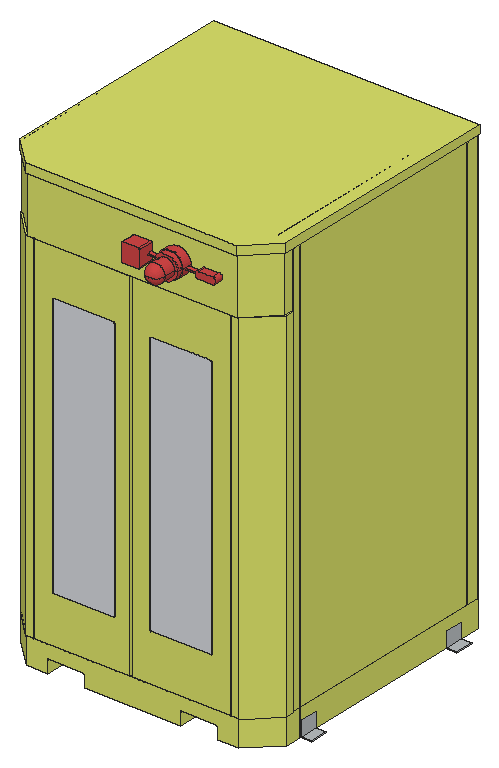
Revit family "Emergency_Equipment-Haws_Corporation-Shower_8730", category Plumbing Fixtures, Revit 2018
Family settings
  Round Connector Dimension = Use Diameter
  Part Type = Normal
  OmniClass Number = 23.45.05.14.17
  OmniClass Title = Showers
  Work Plane-Based = No
  Always vertical = Yes
  Cut with Voids When Loaded = No
  Shared = No
  Room Calculation Point = No
Parameters (values of type "8730 - Outdoor Heated Shower and Eye Face Wash Booth")
  Waste Connection = 1 = 1  # yes
  Voltage = 480 V
  Vent Connection = no
  Supply Diameter = 1 1/4"  # constant formula
  Width = 60"  # constant formula
  URL = "https://www.hawsco.com"
  Type Comments = ""
  Sanitary Diameter = 3"  # constant formula
  Product data url = "https://bimobject.com/hawscorporation/product/haws-8730"
  Product Guid = "12b7494c-a617-492e-96c4-0637b4973fcc"
  Power Factor = 1  # constant formula
  Phase = 3
  Number of Poles = 1
  Model = "8730"  # constant formula
  Manufacturer = "Haws Corporation"  # constant formula
  Keynote = "S12"
  Height = 101 3/4"  # constant formula
  HW Connection = no
  Flow = 20 GPM
  Finish = Metal - Haws Corporation - Green
  Edition number = 1
  Description = "Outdoor Heated Shower and Eye/Face Wash Booth"  # constant formula
  Depth = 53 9/16"  # constant formula
  CW Connection = 1 = 1  # yes
  Assembly Code = "D2010710"
  Apparent Load = Voltage * 1 A  # 480 VA
Reference planes (in)
  plane 1 "Bottom": z = 0
  plane 2 "Center Left/Right": x = 0
  plane 3 "Top": z = 101.75
  plane 4 "Center (Front/Back)": y = 3.21875
  plane 5 "Right": x = 30
  plane 6 "Left": x = -30
  plane 7 "Back": y = 30
  plane 8 "Rear Clearance": y = 36.75
  plane 9 "Front": y = -23.5625
  plane 10 "Frontal Clearance": y = -29.07373
  plane 11: y = -36.8347
  plane 12: y = 43.4153
  plane 13: z = 87.75
  plane 14: z = 48.25
Forms (in)
  Extrusion 1, solid, material "Metal - Haws Corporation - Green" <- "Finish"
    sketch origin (0, 0.3418, 0) x (1, 0, 0) y (0, 1, 0)
      loop
        line (-30.00746, -23.02964) -> (-23.97084, -29.06626) -> (23.95591, -29.06626) -> (29.99254, -23.02964) -> (29.99254, 30.93501) -> (-30.00746, 30.93501) -> (-30.00746, -23.02964)
    from 0 to 6
  Extrusion 2, solid, material "Metal - Haws Corporation - Smokey Pearl"
    sketch origin (130.61992, -15.59375, 47) x (1, 0, 0) y (0, 0, 1)
      loop
        line (-163.12738, -47) -> (-160.61992, -47) -> (-160.61992, -43.5) -> (-160.80742, -43.5) -> (-160.80742, -46.8125) -> (-163.12738, -46.8125) -> (-163.12738, -47)
    from -41.87055 to -37.87055
  Extrusion 3, solid, material "Metal - Haws Corporation - Smokey Pearl"
    sketch origin (130.61992, -39.59375, 47) x (1, 0, 0) y (0, 0, 1)
      loop
        line (-160.80742, -46.8125) -> (-163.12738, -46.8125) -> (-163.12738, -47) -> (-160.61992, -47) -> (-160.61992, -43.5) -> (-160.80742, -43.5) -> (-160.80742, -46.8125)
    from -24.87055 to -20.87055
  Extrusion 4, solid, material "Metal - Haws Corporation - Smokey Pearl"
    sketch origin (130.61992, -39.59375, 47) x (1, 0, 0) y (0, 0, 1)
      loop
        line (-100.43242, -46.8125) -> (-100.43242, -43.5) -> (-100.61992, -43.5) -> (-100.61992, -47) -> (-98.12738, -47) -> (-98.12738, -46.8125) -> (-100.43242, -46.8125)
    from -24.87055 to -20.87055
  Extrusion 5, void
    sketch origin (60, -32, 47) x (1, 0, 0) y (0, 0, 1)
      loop
        line (-71.10746, -43.98) -> (-78.90746, -43.98)
        arc (-78.90746, -43.98) -> (-79.08424, -44.05322) -> (-79.15746, -44.23) r 0.25
        line (-79.15746, -44.23) -> (-79.15746, -47) -> (-70.85746, -47) -> (-70.85746, -44.23)
        arc (-70.85746, -44.23) -> (-70.93069, -44.05322) -> (-71.10746, -43.98) r 0.25
      loop
        line (-41.10746, -43.98) -> (-48.90746, -43.98)
        arc (-48.90746, -43.98) -> (-49.08424, -44.05322) -> (-49.15746, -44.23) r 0.25
        line (-49.15746, -44.23) -> (-49.15746, -47) -> (-40.85746, -47) -> (-40.85746, -44.23)
        arc (-40.85746, -44.23) -> (-40.93069, -44.05322) -> (-41.10746, -43.98) r 0.25
    from -66.71954 to 2.06626
  Extrusion 6, solid, material "Metal - Haws Corporation - Smokey Pearl"
    sketch origin (60, -23.5625, 47) x (1, 0, 0) y (0, 0, 1)
      loop
        line (-66.20831, 6.43067) -> (-66.20831, 29.03221)
        arc (-66.20831, 29.03221) -> (-66.49756, 29.7305) -> (-67.19584, 30.01974) r 0.98753
        line (-67.19584, 30.01974) -> (-85.74685, 30.01974)
        arc (-85.74685, 30.01974) -> (-86.44513, 29.7305) -> (-86.73437, 29.03221) r 0.98753
        line (-86.73437, 29.03221) -> (-86.73437, 6.43067)
        arc (-86.73437, 6.43067) -> (-86.44513, 5.73238) -> (-85.74685, 5.44314) r 0.98753
        line (-85.74685, 5.44314) -> (-67.19584, 5.44314)
        arc (-67.19584, 5.44314) -> (-66.49755, 5.73238) -> (-66.20831, 6.43067) r 0.98753
    from -66.13172 to -55.7098
  Extrusion 7, solid, material "Metal - Haws Corporation - Smokey Pearl"
    sketch origin (72.25, 31.25, 8.8125) x (1, 0, 0) y (0, 0, 1)
      loop
        circle (-72.25, 39.4375) r 0.8125
    from -2 to 1.9375
  Extrusion 8, solid, material "Metal - Haws Corporation - Brass"
    sketch origin (72.25, 31.25, 8.8125) x (1, 0, 0) y (0, 0, 1)
      loop
        line (-72.76777, 40.6875) -> (-73.5, 39.95527) -> (-73.5, 38.91973) -> (-72.76777, 38.1875) -> (-71.73223, 38.1875) -> (-71, 38.91973) -> (-71, 39.95527) -> (-71.73223, 40.6875) -> (-72.76777, 40.6875)
    from -5 to -4.25
  Extrusion 9, solid, material "Metal - Haws Corporation - Brass"
    sketch origin (72.25, 31.25, 8.8125) x (1, 0, 0) y (0, 0, 1)
      loop
        line (-72.87132, 40.9375) -> (-73.75, 40.05882) -> (-73.75, 38.81618) -> (-72.87132, 37.9375) -> (-71.62868, 37.9375) -> (-70.75, 38.81618) -> (-70.75, 40.05882) -> (-71.62868, 40.9375) -> (-72.87132, 40.9375)
    from -4.25 to -2.75
  Extrusion 10, solid, material "Metal - Haws Corporation - Brass"
    sketch origin (72.25, 31.25, 8.8125) x (1, 0, 0) y (0, 0, 1)
      loop
        line (-72.76777, 40.6875) -> (-73.5, 39.95527) -> (-73.5, 38.91973) -> (-72.76777, 38.1875) -> (-71.73223, 38.1875) -> (-71, 38.91973) -> (-71, 39.95527) -> (-71.73223, 40.6875) -> (-72.76777, 40.6875)
    from -2.75 to -2
  Extrusion 11, void
    sketch origin (60, 31.75, 47) x (1, 0, 0) y (0, 0, 1)
      loop
        circle (-60, 40.75) r 1.25
    from -3.75 to 2.4375
  Extrusion 12, solid, material "Metal - Haws Corporation - Smokey Pearl"
    sketch origin (130.61992, -0.03125, 47) x (1, 0, 0) y (0, 0, 1)
      loop
        line (-100.43242, -46.8125) -> (-100.43242, -43.5) -> (-100.61992, -43.5) -> (-100.61992, -47) -> (-98.12738, -47) -> (-98.12738, -46.8125) -> (-100.43242, -46.8125)
    from -26.30805 to -22.30805
  Extrusion 13, solid, material "Metal - Haws Corporation - Green" <- "Finish"
    sketch origin (0, 0, 0) x (1, 0, 0) y (0, 1, 0)
      loop
        line (-29.69496, 28.2768) -> (-29.69496, -18.7857) -> (-28.19496, -18.7857) -> (-28.19496, 28.2768) -> (-29.69496, 28.2768)
      loop
        line (29.68004, 28.2768) -> (28.18004, 28.2768) -> (28.18004, -18.7857) -> (29.68004, -18.7857) -> (29.68004, 28.2768)
    from 5 to 99.6875
  Extrusion 14, solid, material "Metal - Haws Corporation - Green" <- "Finish"
    sketch origin (480, -1.59905, 96.40625) x (0, -1, 0) y (1, 0, 0)
      loop
        line (27.15305, -456.29735) -> (21.1682, -450.3125) -> (19.35594, -450.3125) -> (19.35594, -450.51562) -> (21.19455, -450.51562) -> (27.05305, -456.37412) -> (27.05305, -503.62588) -> (21.19455, -509.48438) -> (19.35594, -509.48438) -> (19.35594, -509.6875) -> (21.1682, -509.6875) -> (27.15305, -503.70265) -> (27.15305, -456.29735)
    from -9.40625 to 3.28125
  Sweep 15, solid, material "Metal - Haws Corporation - Green" <- "Finish"
    path origin (0, 0, 101.75) x (0, 1, 0) y (-1, 0, 0)
      loop
        line (-21.66318, 27) -> (-26.07373, 22.58945) -> (-26.07373, -22.58945) -> (-21.66318, -27) -> (28.6518, -27) -> (28.6518, 27) -> (-21.66318, 27)
    profile origin (-27, 3.49431, 101.75) x (-1, 0, 0) y (0, 0, 1)
      loop
        line (0, -0.25) -> (2.73437, -0.25) -> (2.73437, -1.9758) -> (3, -1.9758) -> (3, 0) -> (0, 0) -> (0, -0.25)
  Extrusion 16, solid, material "Metal - Haws Corporation - Green" <- "Finish"
    sketch origin (0, 31.4354, 0) x (1, 0, 0) y (0, 0, 1)
      loop
        line (-0.57999, 6) -> (-0.57999, 87) -> (-22.16929, 87) -> (-22.16929, 6) -> (-0.57999, 6)
      loop
        line (-0.04501, 87) -> (-0.04501, 6) -> (22.16929, 6) -> (22.16929, 87) -> (-0.04501, 87)
      loop
        line (-4.32234, 76.23059) -> (-17.6381, 76.23059)
        arc (-17.6381, 76.23059) -> (-17.90276, 76.12096) -> (-18.01239, 75.8563) r 0.37429
        line (-18.01239, 75.8563) -> (-18.01239, 17.08127)
        arc (-18.01239, 17.08127) -> (-17.90276, 16.81661) -> (-17.6381, 16.70698) r 0.37429
        line (-17.6381, 16.70698) -> (-4.32234, 16.70698)
        arc (-4.32234, 16.70698) -> (-4.05768, 16.81661) -> (-3.94805, 17.08127) r 0.37429
        line (-3.94805, 17.08127) -> (-3.94805, 75.8563)
        arc (-3.94805, 75.8563) -> (-4.05768, 76.12096) -> (-4.32234, 76.23059) r 0.37429
      loop
        line (17.61516, 76.23059) -> (4.2994, 76.23059)
        arc (4.2994, 76.23059) -> (4.03474, 76.12096) -> (3.92511, 75.8563) r 0.37429
        line (3.92511, 75.8563) -> (3.92511, 17.08127)
        arc (3.92511, 17.08127) -> (4.03474, 16.81661) -> (4.2994, 16.70698) r 0.37429
        line (4.2994, 16.70698) -> (17.61516, 16.70698)
        arc (17.61516, 16.70698) -> (17.87982, 16.81661) -> (17.98945, 17.08127) r 0.37429
        line (17.98945, 17.08127) -> (17.98945, 75.8563)
        arc (17.98945, 75.8563) -> (17.87982, 76.12096) -> (17.61516, 76.23059) r 0.37429
    from 58.9086 to 60.1586
  Extrusion 17, solid, material "Metal - Haws Corporation - Green" <- "Finish"
    sketch origin (0, 0, 101.75) x (0, 1, 0) y (-1, 0, 0)
      loop
        line (-21.66318, 27) -> (-26.07373, 22.58945) -> (-26.07373, -22.58945) -> (-21.66318, -27) -> (28.6518, -27) -> (28.6518, 27) -> (-21.66318, 27)
    from -0.5 to 0
  Extrusion 18, solid
    sketch origin (60, 3.21875, 48) x (1, 0, 0) y (0, 0, 1)
      loop
        arc (-63.94805, 27.8563) -> (-64.05768, 28.12096) -> (-64.32234, 28.23059) r 0.37429
        line (-64.32234, 28.23059) -> (-77.6381, 28.23059)
        arc (-77.6381, 28.23059) -> (-77.90276, 28.12096) -> (-78.01239, 27.8563) r 0.37429
        line (-78.01239, 27.8563) -> (-78.01239, -30.91873)
        arc (-78.01239, -30.91873) -> (-77.90276, -31.18339) -> (-77.6381, -31.29302) r 0.37429
        line (-77.6381, -31.29302) -> (-64.32234, -31.29302)
        arc (-64.32234, -31.29302) -> (-64.05768, -31.18339) -> (-63.94805, -30.91873) r 0.37429
        line (-63.94805, -30.91873) -> (-63.94805, 27.8563)
      loop
        arc (-42.01055, 27.8563) -> (-42.12018, 28.12096) -> (-42.38484, 28.23059) r 0.37429
        line (-42.38484, 28.23059) -> (-55.7006, 28.23059)
        arc (-55.7006, 28.23059) -> (-55.96526, 28.12096) -> (-56.07489, 27.8563) r 0.37429
        line (-56.07489, 27.8563) -> (-56.07489, -30.91873)
        arc (-56.07489, -30.91873) -> (-55.96526, -31.18339) -> (-55.7006, -31.29302) r 0.37429
        line (-55.7006, -31.29302) -> (-42.38484, -31.29302)
        arc (-42.38484, -31.29302) -> (-42.12018, -31.18339) -> (-42.01055, -30.91873) r 0.37429
        line (-42.01055, -30.91873) -> (-42.01055, 27.8563)
    from 30.69195 to 31.94195
  Extrusion 19, solid, material "Metal - Haws Corporation - Green" <- "Finish"
    sketch origin (0, 0, 0) x (1, 0, 0) y (0, 1, 0)
      loop
        arc (-29.88656, 31.2768) -> (-29.97205, 31.24139) -> (-30.00746, 31.1559) r 0.12091
        line (-30.00746, 31.1559) -> (-30.00746, 28.40472)
        arc (-30.00746, 28.40472) -> (-29.97, 28.31427) -> (-29.87955, 28.2768) r 0.12791
        line (-29.87955, 28.2768) -> (-28.18832, 28.2768)
        arc (-28.18832, 28.2768) -> (-28.06043, 28.32978) -> (-28.00746, 28.45766) r 0.18085
        line (-28.00746, 28.45766) -> (-28.00746, 29.18218)
        arc (-28.00746, 29.18218) -> (-27.97975, 29.24909) -> (-27.91284, 29.2768) r 0.09462
        line (-27.91284, 29.2768) -> (-27.19172, 29.2768)
        arc (-27.19172, 29.2768) -> (-27.06143, 29.33077) -> (-27.00746, 29.46106) r 0.18426
        line (-27.00746, 29.46106) -> (-27.00746, 31.15093)
        arc (-27.00746, 31.15093) -> (-27.04433, 31.23994) -> (-27.13334, 31.2768) r 0.12588
        line (-27.13334, 31.2768) -> (-29.88656, 31.2768)
      loop
        line (29.87093, 31.2768) -> (27.11772, 31.2768)
        arc (27.11772, 31.2768) -> (27.02871, 31.23994) -> (26.99184, 31.15093) r 0.12588
        line (26.99184, 31.15093) -> (26.99184, 29.46106)
        arc (26.99184, 29.46106) -> (27.04581, 29.33077) -> (27.1761, 29.2768) r 0.18426
        line (27.1761, 29.2768) -> (27.89721, 29.2768)
        arc (27.89721, 29.2768) -> (27.96412, 29.24909) -> (27.99184, 29.18218) r 0.09462
        line (27.99184, 29.18218) -> (27.99184, 28.45766)
        arc (27.99184, 28.45766) -> (28.04481, 28.32978) -> (28.17269, 28.2768) r 0.18085
        line (28.17269, 28.2768) -> (29.86392, 28.2768)
        arc (29.86392, 28.2768) -> (29.95437, 28.31427) -> (29.99184, 28.40472) r 0.12791
        line (29.99184, 28.40472) -> (29.99184, 31.1559)
        arc (29.99184, 31.1559) -> (29.95642, 31.24139) -> (29.87093, 31.2768) r 0.12091
    from 6 to 99.75
  Extrusion 20, solid, material "Metal - Haws Corporation - Green" <- "Finish"
    sketch origin (0, 0, 0) x (1, 0, 0) y (0, 1, 0)
      loop
        line (26.99184, 30.9643) -> (-27.00746, 30.9643) -> (-27.00746, 29.4643) -> (26.99184, 29.4643) -> (26.99184, 30.9643)
    from 6 to 99.6875
  Revolve 21, solid, material "Metal - Haws Corporation - Red Powder Coating"
    sketch origin (-71.83218, -13.92508, 93.96875) x (1, 0, 0) y (0, 1, 0)
      loop
        line (84.08243, -20.94402) -> (84.08243, -18.27723) -> (84.80379, -18.27723) -> (84.80379, -17.02723) -> (84.58804, -17.02723) -> (84.58804, -16.90223) -> (84.98129, -16.90223) -> (84.98129, -14.79627) -> (82.06629, -14.79627) -> (82.06629, -22.96015)
        arc (82.06629, -22.96015) -> (83.49192, -22.36964) -> (84.08243, -20.94402) r 2.01614
      axis (82.06629, -22.96015) -> (82.06629, -14.79627)
    angle from 0 to 360
  Extrusion 22, solid, material "Metal - Haws Corporation - Red Powder Coating"
    sketch origin (-7.45001, 24.73519, -0.96875) x (1, 0, 0) y (0, 0, 1)
      loop
        line (11.73333, 96.8145) -> (8.20902, 96.8145)
        arc (8.20902, 96.8145) -> (7.99514, 96.72591) -> (7.90654, 96.51202) r 0.30248
        line (7.90654, 96.51202) -> (7.90654, 92.98648)
        arc (7.90654, 92.98648) -> (7.9947, 92.77365) -> (8.20752, 92.6855) r 0.30098
        line (8.20752, 92.6855) -> (11.73239, 92.6855)
        arc (11.73239, 92.6855) -> (11.94675, 92.77429) -> (12.03554, 92.98866) r 0.30316
        line (12.03554, 92.98866) -> (12.03554, 96.51228)
        arc (12.03554, 96.51228) -> (11.94703, 96.72598) -> (11.73333, 96.8145) r 0.30222
    from 53.75 to 57.10823
  Extrusion 23, solid, material "Metal - Haws Corporation - Red Powder Coating"
    sketch origin (53.09686, 16.73519, 45.03125) x (1, 0, 0) y (0, 0, 1)
      loop
        line (-33.36743, 49.73375) -> (-36.50433, 49.73375)
        arc (-36.50433, 49.73375) -> (-37.26933, 48.96875) -> (-36.50433, 48.20375) r 0.765
        line (-36.50433, 48.20375) -> (-33.36743, 48.20375)
        arc (-33.36743, 48.20375) -> (-32.60243, 48.96875) -> (-33.36743, 49.73375) r 0.765
    from 45.75 to 47.50689
  Sweep 24, solid, material "Metal - Haws Corporation - Red Powder Coating"
    path origin (472.97186, -7.67425, 93.78125) x (0, -1, 0) y (1, 0, 0)
      loop
        line (22.02805, -456.68904) -> (22.02805, -468.43904)
    profile origin (10.40783, -29.70231, 93.78125) x (0, -1, 0) y (0, 0, 1)
      loop
        circle (0, 0) r 0.38267
  Extrusion 25, solid, material "Metal - Haws Corporation - Green" <- "Finish"
    sketch origin (0, 0, 0) x (1, 0, 0) y (0, 1, 0)
      loop
        line (-24.02262, -28.7232) -> (-22.23925, -28.7232) -> (-22.23925, -26.9732) -> (-23.29774, -26.9732) -> (-28.25746, -22.01347) -> (-28.25746, -20.95499) -> (-30.00746, -20.95499) -> (-30.00746, -22.73835) -> (-24.02262, -28.7232)
      loop
        line (24.02262, -28.7232) -> (30.00746, -22.73835) -> (30.00746, -20.95499) -> (28.25746, -20.95499) -> (28.25746, -22.01347) -> (23.29774, -26.9732) -> (22.23925, -26.9732) -> (22.23925, -28.7232) -> (24.02262, -28.7232)
    from 5.875 to 87
  Extrusion 26, solid, material "Metal - Haws Corporation - Green" <- "Finish"
    sketch origin (0, 0, 0) x (1, 0, 0) y (0, 1, 0)
      loop
        arc (28.11502, -18.8482) -> (28.02841, -18.88407) -> (27.99254, -18.97068) r 0.12248
        line (27.99254, -18.97068) -> (27.99254, -20.72497)
        arc (27.99254, -20.72497) -> (28.02863, -20.8121) -> (28.11577, -20.8482) r 0.12323
        line (28.11577, -20.8482) -> (29.86547, -20.8482)
        arc (29.86547, -20.8482) -> (29.95532, -20.81098) -> (29.99254, -20.72113) r 0.12707
        line (29.99254, -20.72113) -> (29.99254, -18.97463)
        arc (29.99254, -18.97463) -> (29.95551, -18.88523) -> (29.8661, -18.8482) r 0.12644
        line (29.8661, -18.8482) -> (28.11502, -18.8482)
      loop
        line (-28.11502, -18.8482) -> (-29.8661, -18.8482)
        arc (-29.8661, -18.8482) -> (-29.95551, -18.88523) -> (-29.99254, -18.97463) r 0.12644
        line (-29.99254, -18.97463) -> (-29.99254, -20.72113)
        arc (-29.99254, -20.72113) -> (-29.95532, -20.81098) -> (-29.86547, -20.8482) r 0.12707
        line (-29.86547, -20.8482) -> (-28.11577, -20.8482)
        arc (-28.11577, -20.8482) -> (-28.02863, -20.8121) -> (-27.99254, -20.72497) r 0.12323
        line (-27.99254, -20.72497) -> (-27.99254, -18.97068)
        arc (-27.99254, -18.97068) -> (-28.02841, -18.88407) -> (-28.11502, -18.8482) r 0.12248
    from 0 to 99.75
  Extrusion 27, solid, material "Metal - Haws Corporation - Smokey Pearl"
    sketch origin (60, 0.4375, 47) x (1, 0, 0) y (0, 0, 1)
      loop
        line (-66.93396, 30.68115) -> (-86.46818, 30.68115)
        arc (-86.46818, 30.68115) -> (-87.39281, 30.29816) -> (-87.77581, 29.37352) r 1.30764
        line (-87.77581, 29.37352) -> (-87.77581, 5.8419)
        arc (-87.77581, 5.8419) -> (-87.4097, 4.95801) -> (-86.52581, 4.5919) r 1.25
        line (-86.52581, 4.5919) -> (-66.93396, 4.5919)
        arc (-66.93396, 4.5919) -> (-66.05008, 4.95801) -> (-65.68396, 5.8419) r 1.25
        line (-65.68396, 5.8419) -> (-65.68396, 29.43115)
        arc (-65.68396, 29.43115) -> (-66.05008, 30.31504) -> (-66.93396, 30.68115) r 1.25
    from -42.9778 to -42.13172
  Extrusion 28, solid, material "Metal - Haws Corporation - Green" <- "Finish"
    sketch origin (60, 31.75, 48) x (1, 0, 0) y (0, 0, 1)
      loop
        circle (-60, 0.25) r 2.10712
    from 0.5357 to 0.93413
  Sweep 29, solid, material "Metal - Haws Corporation - Smokey Pearl"
    path origin (60, 31.75, 48) x (1, 0, 0) y (0, 0, 1)
      loop
        line (-64.00746, 30.75657) -> (-87.00746, 30.75657)
    profile origin (-15.50746, 31.75, 78.75657) x (0, 0, -1) y (0, -1, 0)
      loop
        line (0.0625, 0.1307) -> (0.0625, 0.6907)
        arc (0.0625, 0.6907) -> (0.07202, 0.71368) -> (0.095, 0.7232) r 0.0325
        line (0.095, 0.7232) -> (1.53, 0.7232)
        arc (1.53, 0.7232) -> (1.55298, 0.71368) -> (1.5625, 0.6907) r 0.0325
        line (1.5625, 0.6907) -> (1.5625, 0.1307)
        arc (1.5625, 0.1307) -> (1.55298, 0.10771) -> (1.53, 0.0982) r 0.0325
        line (1.53, 0.0982) -> (1.4075, 0.0982)
        arc (1.4075, 0.0982) -> (1.38452, 0.10771) -> (1.375, 0.1307) r 0.0325
        line (1.375, 0.1307) -> (1.375, 0.2857) -> (1.3125, 0.2857) -> (1.3125, 0.0982)
        arc (1.3125, 0.0982) -> (1.33081, 0.054) -> (1.375, 0.0357) r 0.0625
        line (1.375, 0.0357) -> (1.5625, 0.0357)
        arc (1.5625, 0.0357) -> (1.60669, 0.054) -> (1.625, 0.0982) r 0.0625
        line (1.625, 0.0982) -> (1.625, 0.7232)
        arc (1.625, 0.7232) -> (1.60669, 0.76739) -> (1.5625, 0.7857) r 0.0625
        line (1.5625, 0.7857) -> (0.0625, 0.7857)
        arc (0.0625, 0.7857) -> (0.01831, 0.76739) -> (0, 0.7232) r 0.0625
        line (0, 0.7232) -> (0, 0.0982)
        arc (0, 0.0982) -> (0.01831, 0.054) -> (0.0625, 0.0357) r 0.0625
        line (0.0625, 0.0357) -> (0.25, 0.0357)
        arc (0.25, 0.0357) -> (0.29419, 0.054) -> (0.3125, 0.0982) r 0.0625
        line (0.3125, 0.0982) -> (0.3125, 0.2857) -> (0.25, 0.2857) -> (0.25, 0.1307)
        arc (0.25, 0.1307) -> (0.24048, 0.10771) -> (0.2175, 0.0982) r 0.0325
        line (0.2175, 0.0982) -> (0.095, 0.0982)
        arc (0.095, 0.0982) -> (0.07202, 0.10771) -> (0.0625, 0.1307) r 0.0325
      loop
        line (26.26004, 0.1307) -> (26.26004, 0.6907)
        arc (26.26004, 0.6907) -> (26.26956, 0.71368) -> (26.29254, 0.7232) r 0.0325
        line (26.29254, 0.7232) -> (27.72754, 0.7232)
        arc (27.72754, 0.7232) -> (27.75052, 0.71368) -> (27.76004, 0.6907) r 0.0325
        line (27.76004, 0.6907) -> (27.76004, 0.1307)
        arc (27.76004, 0.1307) -> (27.75052, 0.10771) -> (27.72754, 0.0982) r 0.0325
        line (27.72754, 0.0982) -> (27.60504, 0.0982)
        arc (27.60504, 0.0982) -> (27.58206, 0.10771) -> (27.57254, 0.1307) r 0.0325
        line (27.57254, 0.1307) -> (27.57254, 0.2857) -> (27.51004, 0.2857) -> (27.51004, 0.0982)
        arc (27.51004, 0.0982) -> (27.52835, 0.054) -> (27.57254, 0.0357) r 0.0625
        line (27.57254, 0.0357) -> (27.76004, 0.0357)
        arc (27.76004, 0.0357) -> (27.80424, 0.054) -> (27.82254, 0.0982) r 0.0625
        line (27.82254, 0.0982) -> (27.82254, 0.7232)
        arc (27.82254, 0.7232) -> (27.80424, 0.76739) -> (27.76004, 0.7857) r 0.0625
        line (27.76004, 0.7857) -> (26.26004, 0.7857)
        arc (26.26004, 0.7857) -> (26.21585, 0.76739) -> (26.19754, 0.7232) r 0.0625
        line (26.19754, 0.7232) -> (26.19754, 0.0982)
        arc (26.19754, 0.0982) -> (26.21585, 0.054) -> (26.26004, 0.0357) r 0.0625
        line (26.26004, 0.0357) -> (26.44754, 0.0357)
        arc (26.44754, 0.0357) -> (26.49174, 0.054) -> (26.51004, 0.0982) r 0.0625
        line (26.51004, 0.0982) -> (26.51004, 0.2857) -> (26.44754, 0.2857) -> (26.44754, 0.1307)
        arc (26.44754, 0.1307) -> (26.43802, 0.10771) -> (26.41504, 0.0982) r 0.0325
        line (26.41504, 0.0982) -> (26.29254, 0.0982)
        arc (26.29254, 0.0982) -> (26.26956, 0.10771) -> (26.26004, 0.1307) r 0.0325
  Extrusion 30, solid, material "Metal - Haws Corporation - Smokey Pearl"
    sketch origin (60, 3.21875, 48) x (1, 0, 0) y (0, 0, 1)
      loop
        line (-67.28096, 30.34835) -> (-86.14028, 30.34835)
        arc (-86.14028, 30.34835) -> (-86.4036, 30.23928) -> (-86.51267, 29.97596) r 0.37239
        line (-86.51267, 29.97596) -> (-86.51267, 3.22403)
        arc (-86.51267, 3.22403) -> (-86.40264, 2.95839) -> (-86.13699, 2.84835) r 0.37568
        line (-86.13699, 2.84835) -> (-67.2591, 2.84835)
        arc (-67.2591, 2.84835) -> (-66.99009, 2.95978) -> (-66.87867, 3.22878) r 0.38043
        line (-66.87867, 3.22878) -> (-66.87867, 29.94606)
        arc (-66.87867, 29.94606) -> (-66.9965, 30.23052) -> (-67.28096, 30.34835) r 0.40229
    from -28.92855 to -28.43305
  Extrusion 31, void
    sketch origin (60, 31.75, 48) x (1, 0, 0) y (0, 0, 1)
      loop
        line (-65.00746, 2.62152) -> (-63.75746, 2.62152) -> (-63.75746, 4.87152) -> (-65.00746, 4.87152) -> (-65.00746, 2.62152)
    from 0 to 0.93413
  Extrusion 32, void
    sketch origin (0, 0, 0) x (1, 0, 0) y (0, 1, 0)
      loop
        circle (0, 0.92627) r 1.5
    from 0 to 3.5
  Extrusion 33, solid, material "Metal - Haws Corporation - Smokey Pearl"
    sketch origin (72.25, 31.25, 48.3125) x (1, 0, 0) y (0, 0, 1)
      loop
        circle (-72.25, 39.4375) r 0.8125
    from -2 to 1.9375
  Extrusion 34, solid, material "Metal - Haws Corporation - Brass"
    sketch origin (72.25, 31.25, 48.3125) x (1, 0, 0) y (0, 0, 1)
      loop
        line (-72.76777, 40.6875) -> (-73.5, 39.95527) -> (-73.5, 38.91973) -> (-72.76777, 38.1875) -> (-71.73223, 38.1875) -> (-71, 38.91973) -> (-71, 39.95527) -> (-71.73223, 40.6875) -> (-72.76777, 40.6875)
    from -5 to -4.25
  Extrusion 35, solid, material "Metal - Haws Corporation - Brass"
    sketch origin (72.25, 31.25, 48.3125) x (1, 0, 0) y (0, 0, 1)
      loop
        line (-72.87132, 40.9375) -> (-73.75, 40.05882) -> (-73.75, 38.81618) -> (-72.87132, 37.9375) -> (-71.62868, 37.9375) -> (-70.75, 38.81618) -> (-70.75, 40.05882) -> (-71.62868, 40.9375) -> (-72.87132, 40.9375)
    from -4.25 to -2.75
  Extrusion 36, solid, material "Metal - Haws Corporation - Brass"
    sketch origin (72.25, 31.25, 48.3125) x (1, 0, 0) y (0, 0, 1)
      loop
        line (-72.76777, 40.6875) -> (-73.5, 39.95527) -> (-73.5, 38.91973) -> (-72.76777, 38.1875) -> (-71.73223, 38.1875) -> (-71, 38.91973) -> (-71, 39.95527) -> (-71.73223, 40.6875) -> (-72.76777, 40.6875)
    from -2.75 to -2
Cuts and joins
  Extrusion 5, Extrusion 32 cuts Extrusion 1
  Extrusion 11 cuts Extrusion 20
  Extrusion 31 cuts Sweep 29
  joined: Sweep 15, Extrusion 17
Lines and regions (in)
  Masking region 1, detail levels medium+fine
    outline origin (-0.57411, 12.98519, 0) x (1, 0, 0) y (0, 1, 0)
      loop
        line (1.02062, -42.05892) -> (1.02062, -45.35823) -> (5.15551, -45.35823) -> (5.15551, -43.0702) -> (7.88788, -43.0702) -> (7.88788, -43.8125) -> (8.28113, -43.8125) -> (8.28113, -43.9375) -> (8.06538, -43.9375) -> (8.06538, -45.1875) -> (8.78674, -45.1875) -> (8.78674, -47.85429)
        arc (8.78674, -47.85429) -> (9.37725, -49.27991) -> (10.80288, -49.87043) r 2.01614
        arc (10.80288, -49.87043) -> (12.2285, -49.27991) -> (12.81901, -47.85429) r 2.01614
        line (12.81901, -47.85429) -> (12.81901, -45.1875) -> (13.54038, -45.1875) -> (13.54038, -43.9375) -> (13.32462, -43.9375) -> (13.32462, -43.8125) -> (13.71788, -43.8125) -> (13.71788, -43.06923) -> (16.37842, -43.06923) -> (16.37842, -43.75689) -> (21.05515, -43.75689) -> (21.05515, -42.05892) -> (16.37704, -42.05892) -> (16.37704, -42.30389) -> (13.71788, -42.30389) -> (13.71788, -42.05892) -> (7.88788, -42.05892) -> (7.88788, -42.30417) -> (5.15539, -42.30417) -> (5.15539, -42.05892) -> (1.02062, -42.05892)
  Masking region 2
    outline origin (-60.54339, -180, 102.5) x (-1, 0, 0) y (0, -1, 0)
      loop
        line (-90.54339, -211.6518) -> (-30.54339, -211.6518) -> (-30.54339, -157.09418) -> (-36.7113, -150.92627) -> (-84.37549, -150.92627) -> (-90.54339, -157.09418) -> (-90.54339, -211.6518)
  Masking region 3, detail levels medium+fine
    outline origin (-60.54339, -180, 102.5) x (-1, 0, 0) y (0, -1, 0)
      loop
        line (-30.54339, -165.2768) -> (-28.03593, -165.2768) -> (-28.03593, -161.2768) -> (-30.54339, -161.2768) -> (-30.54339, -165.2768)
      loop
        line (-90.54339, -165.2768) -> (-90.54339, -161.2768) -> (-93.05086, -161.2768) -> (-93.05086, -165.2768) -> (-90.54339, -165.2768)
      loop
        line (-90.54339, -206.2768) -> (-90.54339, -202.2768) -> (-93.05086, -202.2768) -> (-93.05086, -206.2768) -> (-90.54339, -206.2768)
      loop
        line (-28.02847, -206.2768) -> (-28.02847, -202.2768) -> (-30.53593, -202.2768) -> (-30.53593, -206.2768) -> (-28.02847, -206.2768)
      loop
        line (-61.79339, -216.25) -> (-59.29339, -216.25) -> (-59.29339, -215.5) -> (-59.04339, -215.5) -> (-59.04339, -214) -> (-59.29339, -214) -> (-59.29339, -213.25) -> (-59.73089, -213.25) -> (-59.73089, -211.6518) -> (-61.35589, -211.6518) -> (-61.35589, -213.25) -> (-61.79339, -213.25) -> (-61.79339, -214) -> (-62.04339, -214) -> (-62.04339, -215.5) -> (-61.79339, -215.5) -> (-61.79339, -216.25)
      loop
        line (-34.03072, -211.6518) -> (-53.66472, -211.6518) -> (-53.66472, -212.1473) -> (-54.33508, -212.1473) -> (-54.33508, -222.56922) -> (-54.85943, -222.56922) -> (-54.85943, -223.4153) -> (-32.76758, -223.4153) -> (-32.76758, -222.56922) -> (-33.80902, -222.56922) -> (-33.80902, -212.1473) -> (-34.03072, -212.1473) -> (-34.03072, -211.6518)
  symbolic lines, detail levels fine
    curve 1: line (-26.73437, 42.56922, 102.5) -> (-6.20831, 42.56922, 102.5)
    curve 2: line (-26.51267, 32.1473, 102.5) -> (-6.87867, 32.1473, 102.5)
    curve 3: line (1.25, 35.5, 102.5) -> (-1.25, 35.5, 102.5)
    curve 4: line (-1.25, 34, 102.5) -> (1.25, 34, 102.5)
    curve 5: line (-0.8125, 33.25, 102.5) -> (0.8125, 33.25, 102.5)
    curve 6: line (8.21798, -32.20231, 102.5) -> (12.2449, -32.20231, 102.5)
    curve 7: line (7.71237, -30.95231, 102.5) -> (12.75586, -30.95231, 102.5)
    curve 8: line (7.71237, -30.82731, 102.5) -> (12.75586, -30.82731, 102.5)
    curve 9: line (4.5814, -30.085, 102.5) -> (4.5814, -29.31898, 102.5)
    curve 10: line (7.31376, -29.31898, 102.5) -> (7.31376, -30.085, 102.5)
    curve 11: line (13.14376, -29.3187, 102.5) -> (13.14376, -30.08403, 102.5)
    curve 12: line (15.80293, -29.3187, 102.5) -> (15.80293, -30.08403, 102.5)
Dimensions and locks (in)
  locked: Extrusion 2 sketch curve to Extrusion 2 sketch curve at 0.1875
  locked: Extrusion 12 sketch curve to Extrusion 12 sketch curve at 0.1875  (x2)
  equal spacing: plane 9 "Front", plane 4 "Center (Front/Back)", plane 7 "Back"
  locked: plane 7 "Back" to plane 8 "Rear Clearance" at 6.75
  "Depth": plane 9 "Front" to plane 7 "Back"
  equal spacing: plane 6 "Left", plane 2 "Center Left/Right", plane 5 "Right"
  "Width": plane 6 "Left" to plane 5 "Right"
  locked: plane 10 "Frontal Clearance" to plane 9 "Front" at 5.51123
  Extrusion 16 sketch curve to Extrusion 16 sketch curve = 0.53497"
  "Height": plane 3 "Top" to plane 1 "Bottom"
  Extrusion 17 sketch curve to plane 7 "Back" = 1.3482"
  plane 12 to plane 11 = 80 1/4"
  Sweep 24 sketch curve to Sweep 24 sketch curve = 11 3/4"
  plane 1 "Bottom" to plane 13 = 87 3/4"
  plane 2 "Center Left/Right" to plane 6 "Left" = 30"
  plane 1 "Bottom" to plane 14 = 48 1/4"
  plane 6 "Left" to Extrusion 32 sketch curve = 30"
  plane 10 "Frontal Clearance" to Extrusion 32 sketch curve = 30"
  radius of Extrusion 7 sketch curve = 13/16"
  radius of Extrusion 33 sketch curve = 13/16"
  aligned and locked: level to plane 1 "Bottom"
  aligned and locked: Extrusion 7 to Extrusion 11
  aligned and locked: profile plane to Sweep 24 sketch curve  (x2)
  aligned and locked: plane 13 to Extrusion 11 sketch curve
  aligned and locked: plane 2 "Center Left/Right" to Extrusion 11 sketch curve
Automatic sketch dimensions
  Extrusion 1 sketch curve to plane 6 "Left" = 0.00746"
  Extrusion 1 sketch curve to plane 10 "Frontal Clearance" = 0.34926"
  plane 6 "Left" to Extrusion 1 sketch curve = 6.02916"
  Extrusion 1 sketch curve to plane 5 "Right" = 6.04409"
  Extrusion 1 sketch curve to plane 5 "Right" = 0.00746"
  Extrusion 1 sketch curve to plane 9 "Front" = 0.87466"  (x2)
  Extrusion 1 sketch curve to plane 7 "Back" = 1.2768"
  Extrusion 2 sketch curve to level = 0"
  Extrusion 2 sketch curve to plane 6 "Left" = 0"
  Extrusion 2 sketch curve to plane 6 "Left" = 3/16"
  Extrusion 2 sketch curve to Extrusion 2 sketch curve = 2.31996"
  Extrusion 2 sketch curve to Extrusion 2 sketch curve = 3 5/16"
  Extrusion 3 sketch curve to level = 0"
  Extrusion 3 sketch curve to plane 6 "Left" = 0"
  Extrusion 3 sketch curve to Extrusion 3 sketch curve = 3/16"  (x2)
  Extrusion 3 sketch curve to Extrusion 3 sketch curve = 2.31996"
  Extrusion 3 sketch curve to Extrusion 3 sketch curve = 3 5/16"
  Extrusion 4 sketch curve to level = 0"
  Extrusion 4 sketch curve to plane 5 "Right" = 0"
  plane 5 "Right" to Extrusion 4 sketch curve = 3/16"
  level to Extrusion 4 sketch curve = 3/16"
  Extrusion 4 sketch curve to Extrusion 4 sketch curve = 2.30504"
  Extrusion 4 sketch curve to Extrusion 4 sketch curve = 3 5/16"
  Extrusion 5 sketch curve to level = 0"  (x2)
  level to Extrusion 5 sketch curve = 2.77"  (x3)
  plane 6 "Left" to Extrusion 5 sketch curve = 10.84254"
  Extrusion 5 sketch curve to Extrusion 5 sketch curve = 1/4"  (x3)
  Extrusion 5 sketch curve to Extrusion 5 sketch curve = 7.8"  (x2)
  plane 2 "Center Left/Right" to Extrusion 5 sketch curve = 10.84254"
  plane 6 "Left" to Extrusion 6 sketch curve = 3 17/64"
  Extrusion 6 sketch curve to Extrusion 6 sketch curve = 0.98753"  (x3)
  Extrusion 6 sketch curve to plane 2 "Center Left/Right" = 7.19584"  (x2)
  plane 14 to Extrusion 6 sketch curve = 4.19314"
  Extrusion 6 sketch curve to plane 13 = 11.71779"
  Extrusion 7 sketch curve to plane 2 "Center Left/Right" = 0"
  Extrusion 7 sketch curve to plane 14 = 0"
  plane 14 to Extrusion 8 sketch curve = 0.51777"  (x2)
  Extrusion 8 sketch curve to plane 2 "Center Left/Right" = 1 1/4"
  Extrusion 8 sketch curve to plane 2 "Center Left/Right" = 0.51777"  (x2)
  plane 2 "Center Left/Right" to Extrusion 8 sketch curve = 0.51777"  (x2)
  Extrusion 8 sketch curve to Extrusion 8 sketch curve = 0.73223"  (x3)
  Extrusion 8 sketch curve to plane 14 = 0.51777"  (x2)
  plane 14 to Extrusion 9 sketch curve = 0.62132"  (x2)
  Extrusion 9 sketch curve to plane 2 "Center Left/Right" = 1 1/2"
  Extrusion 9 sketch curve to plane 2 "Center Left/Right" = 0.62132"  (x2)
  plane 2 "Center Left/Right" to Extrusion 9 sketch curve = 0.62132"  (x2)
  Extrusion 9 sketch curve to Extrusion 9 sketch curve = 0.87868"  (x3)
  Extrusion 9 sketch curve to plane 14 = 0.62132"  (x2)
  plane 14 to Extrusion 10 sketch curve = 0.51777"  (x2)
  Extrusion 10 sketch curve to plane 2 "Center Left/Right" = 1 1/4"
  Extrusion 10 sketch curve to plane 2 "Center Left/Right" = 0.51777"  (x2)
  plane 2 "Center Left/Right" to Extrusion 10 sketch curve = 0.51777"  (x2)
  Extrusion 10 sketch curve to Extrusion 10 sketch curve = 0.73223"  (x3)
  Extrusion 10 sketch curve to plane 14 = 0.51777"  (x2)
  Extrusion 12 sketch curve to level = 0"
  Extrusion 12 sketch curve to plane 5 "Right" = 0"
  Extrusion 12 sketch curve to Extrusion 12 sketch curve = 2.30504"
  Extrusion 12 sketch curve to Extrusion 12 sketch curve = 3 5/16"
  plane 10 "Frontal Clearance" to curve 12 = 0.24497"
  curve 12 to plane 5 "Right" = 14.19707"
  plane 10 "Frontal Clearance" to curve 11 = 0.24497"
  curve 12 to curve 11 = 2.65916"
  curve 11 to curve 7 = 0.3879"
  curve 8 to curve 7 = 0"
  curve 7 to curve 6 = 0.51096"
  curve 6 to curve 6 = 4.02692"
  curve 6 to curve 8 = 0.50561"
  curve 7 to curve 8 = 0"
  curve 8 to curve 10 = 0.39861"
  plane 10 "Frontal Clearance" to curve 9 = 1.01128"
  curve 10 to curve 9 = 2.73236"
  plane 2 "Center Left/Right" to curve 3 = 1 1/4"
  plane 2 "Center Left/Right" to curve 4 = 1 1/4"
  plane 2 "Center Left/Right" to curve 5 = 13/16"
  curve 5 to plane 2 "Center Left/Right" = 13/16"
  curve 5 to curve 4 = 7/16"
  curve 3 to plane 2 "Center Left/Right" = 1 1/4"
  curve 1 to plane 12 = 0.84608"
  curve 1 to plane 2 "Center Left/Right" = 6.20831"
  curve 2 to plane 7 "Back" = 2.1473"
  curve 4 to curve 2 = 5.62867"
  plane 6 "Left" to curve 2 = 3.48733"
  plane 6 "Left" to curve 1 = 3 17/64"
  curve 5 to plane 7 "Back" = 3 1/4"
  curve 4 to curve 5 = 3/4"
  plane 8 "Rear Clearance" to curve 3 = 1 1/4"
  plane 10 "Frontal Clearance" to curve 10 = 0.24525"
  plane 10 "Frontal Clearance" to curve 9 = 0.24525"
  curve 12 to curve 12 = 0.76533"
  curve 11 to curve 11 = 0.76533"
  curve 10 to curve 10 = 0.76603"
  curve 10 to curve 8 = 0.7423"
  curve 8 to curve 7 = 1/8"
  curve 7 to curve 6 = 1 1/4"
  plane 6 "Left" to Extrusion 13 sketch curve = 0.30504"
  Extrusion 13 sketch curve to Extrusion 13 sketch curve = 1 1/2"
  Extrusion 13 sketch curve to plane 5 "Right" = 1.81996"
  Extrusion 13 sketch curve to plane 5 "Right" = 0.31996"
  Extrusion 13 sketch curve to plane 9 "Front" = 4.7768"  (x2)
  plane 7 "Back" to Extrusion 13 sketch curve = 1.7232"  (x2)
  plane 6 "Left" to Extrusion 14 sketch curve = 5/16"
  Extrusion 14 sketch curve to plane 9 "Front" = 2.60751"  (x2)
  Extrusion 14 sketch curve to plane 5 "Right" = 5/16"
  Extrusion 14 sketch curve to plane 9 "Front" = 0.79525"  (x2)
  Extrusion 14 sketch curve to Extrusion 14 sketch curve = 0.02635"  (x2)
  Extrusion 14 sketch curve to plane 10 "Frontal Clearance" = 0.42163"
  Extrusion 14 sketch curve to Extrusion 14 sketch curve = 0.1"
  Extrusion 14 sketch curve to Extrusion 14 sketch curve = 13/64"  (x2)
  plane 6 "Left" to Extrusion 14 sketch curve = 6.29735"
  Extrusion 14 sketch curve to Extrusion 14 sketch curve = 0.07678"  (x2)
  Extrusion 14 sketch curve to plane 5 "Right" = 6.37412"
  plane 9 "Front" to Sweep 15 sketch curve = 2.51123"
  Sweep 15 sketch curve to plane 9 "Front" = 1.89932"  (x2)
  plane 7 "Back" to Sweep 15 sketch curve = 1.3482"
  Sweep 15 sketch curve to plane 5 "Right" = 3"
  Sweep 15 sketch curve to Sweep 15 sketch curve = 4.41055"
  plane 6 "Left" to Sweep 15 sketch curve = 7.41055"
  plane 6 "Left" to Sweep 15 sketch curve = 3"
  Sweep 15 sketch curve to plane 3 "Top" = 0"
  Sweep 15 sketch curve to profile plane = 0"
  Sweep 15 sketch curve to plane 3 "Top" = 1/4"
  Sweep 15 sketch curve to profile plane = 2 47/64"
  Sweep 15 sketch curve to Sweep 15 sketch curve = 17/64"
  Sweep 15 sketch curve to Sweep 15 sketch curve = 1.7258"
  plane 6 "Left" to Extrusion 16 sketch curve = 7.83071"
  Extrusion 16 sketch curve to Extrusion 16 sketch curve = 4.1569"
  Extrusion 16 sketch curve to Extrusion 16 sketch curve = 0.37429"  (x6)
  Extrusion 16 sketch curve to plane 2 "Center Left/Right" = 4.32234"  (x2)
  Extrusion 16 sketch curve to plane 2 "Center Left/Right" = 0.57999"
  plane 2 "Center Left/Right" to Extrusion 16 sketch curve = 3.92511"
  Extrusion 16 sketch curve to plane 5 "Right" = 12.38484"  (x2)
  Extrusion 16 sketch curve to plane 5 "Right" = 7.83071"
  level to Extrusion 16 sketch curve = 6"
  Extrusion 16 sketch curve to Extrusion 16 sketch curve = 0"  (x2)
  Extrusion 16 sketch curve to Extrusion 16 sketch curve = 10.70698"  (x2)
  Extrusion 16 sketch curve to plane 13 = 11.8937"  (x2)
  Extrusion 16 sketch curve to plane 13 = 3/4"
  Extrusion 17 sketch curve to plane 9 "Front" = 1.89932"  (x2)
  plane 9 "Front" to Extrusion 17 sketch curve = 2.51123"
  Extrusion 17 sketch curve to plane 5 "Right" = 3"
  Extrusion 17 sketch curve to Extrusion 17 sketch curve = 4.41055"
  plane 6 "Left" to Extrusion 17 sketch curve = 7.41055"
  plane 6 "Left" to Extrusion 17 sketch curve = 3"
  plane 6 "Left" to Extrusion 18 sketch curve = 11.98761"
  Extrusion 18 sketch curve to Extrusion 18 sketch curve = 0.37429"  (x7)
  Extrusion 18 sketch curve to plane 2 "Center Left/Right" = 4.32234"  (x2)
  plane 2 "Center Left/Right" to Extrusion 18 sketch curve = 3.92511"
  Extrusion 18 sketch curve to plane 5 "Right" = 12.38484"  (x2)
  level to Extrusion 18 sketch curve = 16.70698"
  Extrusion 18 sketch curve to plane 13 = 11.8937"
  Extrusion 18 sketch curve to Extrusion 18 sketch curve = 0"
  Extrusion 19 sketch curve to plane 6 "Left" = 0.00746"
  plane 6 "Left" to Extrusion 19 sketch curve = 0.11344"
  plane 6 "Left" to Extrusion 19 sketch curve = 0.12045"
  Extrusion 19 sketch curve to Extrusion 19 sketch curve = 1.69123"
  Extrusion 19 sketch curve to Extrusion 19 sketch curve = 0.18085"  (x2)
  Extrusion 19 sketch curve to Extrusion 19 sketch curve = 0.09462"  (x2)
  Extrusion 19 sketch curve to Extrusion 19 sketch curve = 0.72112"  (x2)
  Extrusion 19 sketch curve to Extrusion 19 sketch curve = 0.05838"
  Extrusion 19 sketch curve to Extrusion 19 sketch curve = 0.12588"  (x2)
  plane 7 "Back" to Extrusion 19 sketch curve = 0.53894"
  Extrusion 19 sketch curve to plane 5 "Right" = 3.00816"
  Extrusion 19 sketch curve to Extrusion 19 sketch curve = 0.18426"
  Extrusion 19 sketch curve to plane 5 "Right" = 0.13608"
  Extrusion 19 sketch curve to plane 5 "Right" = 0.12907"
  Extrusion 19 sketch curve to plane 5 "Right" = 0.00816"
  plane 7 "Back" to Extrusion 19 sketch curve = 0.81782"
  Extrusion 19 sketch curve to Extrusion 19 sketch curve = 0.72452"  (x2)
  Extrusion 19 sketch curve to plane 7 "Back" = 1.15093"  (x2)
  Extrusion 20 sketch curve to plane 7 "Back" = 0.9643"
  plane 6 "Left" to Extrusion 20 sketch curve = 2.99254"
  plane 7 "Back" to Extrusion 20 sketch curve = 0.5357"
  Extrusion 20 sketch curve to plane 5 "Right" = 3.00816"
  Revolve 21 sketch curve to plane 11 = 0.05054"
  plane 2 "Center Left/Right" to Revolve 21 sketch curve = 10.23412"
  plane 11 to Revolve 21 sketch curve = 1.9656"
  Revolve 21 sketch curve to Revolve 21 sketch curve = 0.50561"
  Revolve 21 sketch curve to Revolve 21 sketch curve = 0.21575"
  Revolve 21 sketch curve to plane 10 "Frontal Clearance" = 0.35237"
  Revolve 21 sketch curve to Revolve 21 sketch curve = 0.39325"
  Revolve 21 sketch curve to Revolve 21 sketch curve = 2.66679"
  Revolve 21 sketch curve to Revolve 21 sketch curve = 1 1/4"
  Revolve 21 sketch curve to Revolve 21 sketch curve = 1/8"
  Revolve 21 sketch curve to Revolve 21 sketch curve = 0"
  plane 10 "Frontal Clearance" to Revolve 21 sketch curve = 0.94108"
  Revolve 21 sketch curve to Revolve 21 sketch curve = 0.20655"
  plane 2 "Center Left/Right" to Extrusion 22 sketch curve = 0.45653"
  Extrusion 22 sketch curve to Extrusion 22 sketch curve = 0.30098"
  Extrusion 22 sketch curve to Extrusion 22 sketch curve = 0.30248"
  Extrusion 22 sketch curve to Extrusion 22 sketch curve = 3.52487"
  Extrusion 22 sketch curve to Extrusion 22 sketch curve = 0.00094"
  Extrusion 22 sketch curve to Extrusion 22 sketch curve = 0.30222"
  plane 13 to Extrusion 22 sketch curve = 3.96675"
  Extrusion 22 sketch curve to Extrusion 22 sketch curve = 3.52554"
  Extrusion 23 sketch curve to plane 3 "Top" = 6.985"
  Extrusion 23 sketch curve to plane 5 "Right" = 13.40747"
  Extrusion 23 sketch curve to Extrusion 23 sketch curve = 3.13691"
  Extrusion 23 sketch curve to Extrusion 23 sketch curve = 0.765"
  plane 10 "Frontal Clearance" to Sweep 24 sketch curve = 0.62858"
  plane 2 "Center Left/Right" to Sweep 24 sketch curve = 4.53283"
  Extrusion 25 sketch curve to plane 6 "Left" = 0.00746"
  plane 6 "Left" to Extrusion 25 sketch curve = 1.74254"
  Extrusion 25 sketch curve to plane 10 "Frontal Clearance" = 0.35053"  (x2)
  plane 6 "Left" to Extrusion 25 sketch curve = 5.97738"
  Extrusion 25 sketch curve to plane 10 "Frontal Clearance" = 2.10053"  (x2)
  Extrusion 25 sketch curve to Extrusion 25 sketch curve = 0.72487"
  Extrusion 25 sketch curve to Extrusion 25 sketch curve = 1.05849"  (x4)
  Extrusion 25 sketch curve to plane 5 "Right" = 7.76075"
  Extrusion 25 sketch curve to Extrusion 25 sketch curve = 1.78336"
  Extrusion 25 sketch curve to plane 5 "Right" = 1.74254"
  plane 5 "Right" to Extrusion 25 sketch curve = 0.00746"
  Extrusion 25 sketch curve to plane 9 "Front" = 0.82415"  (x2)
  Extrusion 25 sketch curve to plane 9 "Front" = 1.54903"  (x2)
  plane 6 "Left" to Extrusion 26 sketch curve = 0.00746"
  Extrusion 26 sketch curve to Extrusion 26 sketch curve = 0.12644"
  Extrusion 26 sketch curve to Extrusion 26 sketch curve = 0.12707"
  Extrusion 26 sketch curve to Extrusion 26 sketch curve = 1.7497"
  Extrusion 26 sketch curve to Extrusion 26 sketch curve = 1.75108"
  Extrusion 26 sketch curve to Extrusion 26 sketch curve = 0.12323"  (x2)
  Extrusion 26 sketch curve to plane 5 "Right" = 2.00746"
  Extrusion 26 sketch curve to Extrusion 26 sketch curve = 0.12248"
  Extrusion 26 sketch curve to plane 5 "Right" = 0.13453"
  Extrusion 26 sketch curve to plane 5 "Right" = 0.1339"
  Extrusion 26 sketch curve to plane 5 "Right" = 0.00746"
  Extrusion 26 sketch curve to plane 9 "Front" = 2.7143"  (x2)
  Extrusion 26 sketch curve to Extrusion 26 sketch curve = 1.7465"  (x2)
  plane 6 "Left" to Extrusion 27 sketch curve = 2.22419"
  Extrusion 27 sketch curve to Extrusion 27 sketch curve = 1 1/4"  (x2)
  Extrusion 27 sketch curve to Extrusion 27 sketch curve = 1.30764"
  Extrusion 27 sketch curve to plane 2 "Center Left/Right" = 6.93396"  (x2)
  plane 14 to Extrusion 27 sketch curve = 3.3419"
  Extrusion 27 sketch curve to plane 13 = 11.37648"
  Extrusion 28 sketch curve to plane 2 "Center Left/Right" = 0"
  Extrusion 28 sketch curve to plane 14 = 0"
  plane 6 "Left" to Sweep 29 sketch curve = 2.99254"
  Sweep 29 sketch curve to plane 13 = 8.99343"
  Sweep 29 sketch curve to plane 2 "Center Left/Right" = 4.00746"
  Sweep 29 sketch curve to profile plane = 0"
  Sweep 29 sketch curve to Sweep 29 sketch curve = 1/16"  (x10)
  profile plane to Sweep 29 sketch curve = 0.0357"  (x4)
  Sweep 29 sketch curve to profile plane = 1/16"
  Sweep 29 sketch curve to Sweep 29 sketch curve = 0"  (x7)
  Sweep 29 sketch curve to Sweep 29 sketch curve = 0.0325"  (x18)
  Sweep 29 sketch curve to Sweep 29 sketch curve = 0.1225"  (x4)
  profile plane to Sweep 29 sketch curve = 0.2857"  (x2)
  Sweep 29 sketch curve to Sweep 29 sketch curve = 1"  (x2)
  Sweep 29 sketch curve to Sweep 29 sketch curve = 0.155"  (x4)
  profile plane to Sweep 29 sketch curve = 0.7232"
  Sweep 29 sketch curve to Sweep 29 sketch curve = 24.57254"
  Sweep 29 sketch curve to Sweep 29 sketch curve = 0.405"
  plane 6 "Left" to Extrusion 30 sketch curve = 3.48733"
  Extrusion 30 sketch curve to Extrusion 30 sketch curve = 0.37239"
  Extrusion 30 sketch curve to Extrusion 30 sketch curve = 0.37568"
  Extrusion 30 sketch curve to plane 2 "Center Left/Right" = 7.28096"
  plane 14 to Extrusion 30 sketch curve = 2.59835"
  Extrusion 30 sketch curve to plane 2 "Center Left/Right" = 7.2591"
  Extrusion 30 sketch curve to Extrusion 30 sketch curve = 0.38043"
  Extrusion 30 sketch curve to plane 13 = 9.80394"
  Extrusion 31 sketch curve to plane 2 "Center Left/Right" = 5.00746"
  Extrusion 31 sketch curve to Extrusion 31 sketch curve = 1 1/4"
  plane 14 to Extrusion 31 sketch curve = 2.37152"
  Extrusion 31 sketch curve to Extrusion 31 sketch curve = 2 1/4"
  Masking region 1 sketch curve to Masking region 1 sketch curve = 0"  (x3)
  plane 10 "Frontal Clearance" to Masking region 1 sketch curve = 0"  (x3)
  plane 2 "Center Left/Right" to Masking region 1 sketch curve = 0.44651"
  plane 10 "Frontal Clearance" to Masking region 1 sketch curve = 0.24525"
  Masking region 1 sketch curve to Masking region 1 sketch curve = 4.13476"
  Masking region 1 sketch curve to Masking region 1 sketch curve = 0.00012"
  plane 10 "Frontal Clearance" to Masking region 1 sketch curve = 1.01128"
  Masking region 1 sketch curve to Masking region 1 sketch curve = 2.73236"
  Masking region 1 sketch curve to Masking region 1 sketch curve = 0.1775"  (x2)
  Masking region 1 sketch curve to Masking region 1 sketch curve = 0.21575"
  Masking region 1 sketch curve to Masking region 1 sketch curve = 0.72136"  (x2)
  Masking region 1 sketch curve to Masking region 1 sketch curve = 2.01614"
  Masking region 1 sketch curve to Masking region 1 sketch curve = 0.50561"
  plane 10 "Frontal Clearance" to Masking region 1 sketch curve = 0.24497"
  Masking region 1 sketch curve to Masking region 1 sketch curve = 0.39325"
  Masking region 1 sketch curve to Masking region 1 sketch curve = 2.65916"
  Masking region 1 sketch curve to Masking region 1 sketch curve = 0.00138"
  Masking region 1 sketch curve to Masking region 1 sketch curve = 4.67811"
  Masking region 1 sketch curve to Masking region 1 sketch curve = 1.453"
  Masking region 1 sketch curve to Masking region 1 sketch curve = 1.50861"
  Masking region 1 sketch curve to Masking region 1 sketch curve = 0.7423"
  Masking region 1 sketch curve to Masking region 1 sketch curve = 1/8"  (x2)
  Masking region 1 sketch curve to Masking region 1 sketch curve = 1 1/4"  (x2)
  plane 10 "Frontal Clearance" to Masking region 1 sketch curve = 3.29931"
  plane 11 to Masking region 1 sketch curve = 1.9656"
  Masking region 1 sketch curve to Masking region 1 sketch curve = 0.74327"
  Masking region 2 sketch curve to plane 5 "Right" = 0"
  plane 10 "Frontal Clearance" to Masking region 2 sketch curve = 0"
  Masking region 2 sketch curve to plane 6 "Left" = 0"
  Masking region 2 sketch curve to plane 5 "Right" = 6.1679"
  plane 6 "Left" to Masking region 2 sketch curve = 6.1679"
  Masking region 2 sketch curve to plane 9 "Front" = 0.65668"  (x2)
  Masking region 2 sketch curve to plane 7 "Back" = 1.6518"
  Masking region 3 sketch curve to plane 5 "Right" = 0"  (x2)
  Masking region 3 sketch curve to plane 12 = 0"
  Masking region 3 sketch curve to plane 6 "Left" = 0"
  Masking region 3 sketch curve to Masking region 3 sketch curve = 2.50746"  (x4)
  plane 2 "Center Left/Right" to Masking region 3 sketch curve = 1 1/2"
  Masking region 3 sketch curve to Masking region 3 sketch curve = 1/4"  (x3)
  plane 2 "Center Left/Right" to Masking region 3 sketch curve = 13/16"
  Masking region 3 sketch curve to plane 2 "Center Left/Right" = 13/16"
  plane 8 "Rear Clearance" to Masking region 3 sketch curve = 1/2"
  Masking region 3 sketch curve to plane 2 "Center Left/Right" = 1 1/4"
  Masking region 3 sketch curve to Masking region 3 sketch curve = 7/16"
  Masking region 3 sketch curve to plane 12 = 0.84608"  (x2)
  Masking region 3 sketch curve to plane 2 "Center Left/Right" = 5.68396"
  Masking region 3 sketch curve to plane 7 "Back" = 2.1473"  (x2)
  Masking region 3 sketch curve to Masking region 3 sketch curve = 4.70831"
  Masking region 3 sketch curve to Masking region 3 sketch curve = 0.67036"
  plane 6 "Left" to Masking region 3 sketch curve = 3.48733"
  plane 6 "Left" to Masking region 3 sketch curve = 3 17/64"
  Masking region 3 sketch curve to Masking region 3 sketch curve = 1.04144"
  Masking region 3 sketch curve to plane 6 "Left" = 0.00746"
  Masking region 3 sketch curve to Masking region 3 sketch curve = 3/4"  (x4)
  Masking region 3 sketch curve to Masking region 3 sketch curve = 1 1/2"  (x2)
  Masking region 3 sketch curve to Masking region 3 sketch curve = 0.4955"
  Masking region 3 sketch curve to Masking region 3 sketch curve = 1.5982"
  plane 7 "Back" to Masking region 3 sketch curve = 3.7232"  (x2)
  Masking region 3 sketch curve to Masking region 3 sketch curve = 4"  (x4)
  Masking region 3 sketch curve to plane 9 "Front" = 8.8393"  (x2)
  Extrusion 33 sketch curve to plane 2 "Center Left/Right" = 0"
  Extrusion 33 sketch curve to plane 13 = 0"
  plane 13 to Extrusion 34 sketch curve = 0.51777"  (x2)
  Extrusion 34 sketch curve to plane 2 "Center Left/Right" = 1 1/4"
  Extrusion 34 sketch curve to plane 2 "Center Left/Right" = 0.51777"  (x2)
  plane 2 "Center Left/Right" to Extrusion 34 sketch curve = 0.51777"  (x2)
  Extrusion 34 sketch curve to Extrusion 34 sketch curve = 0.73223"  (x2)
  Extrusion 34 sketch curve to plane 13 = 0.51777"  (x2)
  plane 13 to Extrusion 34 sketch curve = 1 1/4"
  plane 13 to Extrusion 35 sketch curve = 0.62132"  (x2)
  Extrusion 35 sketch curve to plane 2 "Center Left/Right" = 1 1/2"
  Extrusion 35 sketch curve to plane 2 "Center Left/Right" = 0.62132"  (x2)
  plane 2 "Center Left/Right" to Extrusion 35 sketch curve = 0.62132"  (x2)
  Extrusion 35 sketch curve to Extrusion 35 sketch curve = 0.87868"  (x2)
  Extrusion 35 sketch curve to plane 13 = 0.62132"  (x2)
  plane 13 to Extrusion 35 sketch curve = 1 1/2"
  plane 13 to Extrusion 36 sketch curve = 0.51777"  (x2)
  Extrusion 36 sketch curve to plane 2 "Center Left/Right" = 1 1/4"
  Extrusion 36 sketch curve to plane 2 "Center Left/Right" = 0.51777"  (x2)
  plane 2 "Center Left/Right" to Extrusion 36 sketch curve = 0.51777"  (x2)
  Extrusion 36 sketch curve to Extrusion 36 sketch curve = 0.73223"  (x2)
  Extrusion 36 sketch curve to plane 13 = 0.51777"  (x2)
  plane 13 to Extrusion 36 sketch curve = 1 1/4"
  radius of Extrusion 11 sketch curve = 1 1/4"
  radius of Sweep 24 sketch curve = 0.38267"
  radius of Extrusion 28 sketch curve = 2.10712"
  radius of Extrusion 32 sketch curve = 1 1/2"
Connectors (in)
  piping at (0, 36.25, 48.25), diameter 1.25, driven by "Supply Diameter", driven by "Flow"
    settings: on Extrusion 8, index 2, connector inside diameter 24", connector length 0", flow factor 0, pipe flow 20 GPM, pressure drop 0.00 psi, fitting loss kfactor 0, connector angle 0.00°, fixture units 0, engagement length 0", angle of deflection 0.00°, flow configuration 0, flow direction 1, fitting loss method 0, system type 20, joint type 0, gender type 0, connector reference index -1, connector utility 0, adjustable connector no, is connector primary yes, connector description "Supply Connector 1"
  electrical at (-16.47134, 42.56922, 64.73144), driven by "Power Factor", driven by "Apparent Load", driven by "Voltage", driven by "Number of Poles"
    settings: on Extrusion 6, index 3, voltage 480 V, apparent load 0 VA, apparent load phase1 480 VA, apparent load phase2 0 VA, apparent load phase3 0 VA, power factor 1, load classification "Other", number of poles 1, system type 31, power factor state 1, is connector primary yes, connector utility no, sub classification motor no, connector description "Electical Connector"
  piping at (0, 0.92627, 0), diameter 3
    settings: on Extrusion 32, index 6, connector inside diameter 24", connector length 0", flow factor 0, pipe flow 0 GPM, pressure drop 0.00 psi, fitting loss kfactor 0, connector angle 0.00°, fixture units 0, engagement length 0", angle of deflection 0.00°, flow configuration 0, flow direction 2, fitting loss method 0, system type 16, joint type 0, gender type 0, connector reference index -1, connector utility 0, adjustable connector no, is connector primary no, connector description "Drain"
  piping at (0, 36.25, 87.75), diameter 1.25, driven by "Supply Diameter", driven by "Flow"
    settings: on Extrusion 34, index 7, connector inside diameter 24", connector length 0", flow factor 0, pipe flow 20 GPM, pressure drop 0.00 psi, fitting loss kfactor 0, connector angle 0.00°, fixture units 0, engagement length 0", angle of deflection 0.00°, flow configuration 0, flow direction 1, fitting loss method 0, system type 20, joint type 0, gender type 0, connector reference index -1, connector utility 0, adjustable connector no, is connector primary no, connector description "Supply Connector 2"
